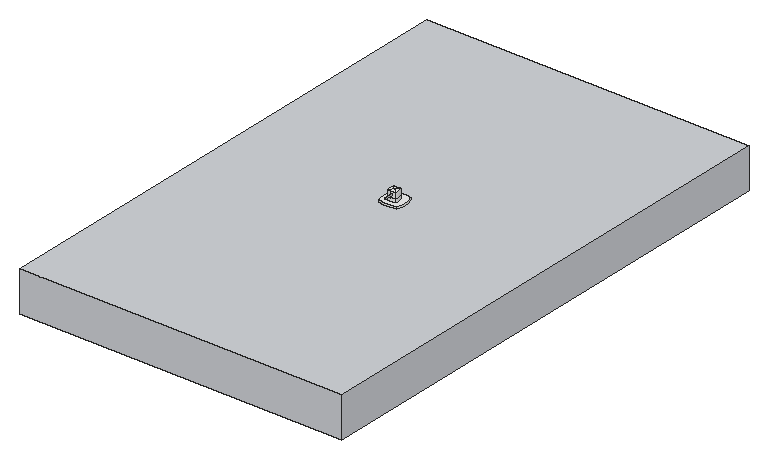
Revit family "Trim-Wall_Hung-Grohe-Grandera-14470_Series", category Plumbing Fixtures, host Face, Revit 2014
Parameters (values of type "14470000")
  Width = 6 1/4"  # constant formula
  Waste Connection = no
  Warranty Documentation Link = "https://cdn.cloud.grohe.com/tpi/1000/1900/1940/1949/1949006/original/1949006.pdf"
  WFU = 4  # constant formula
  Vent Connection = no
  URL = "https://www.grohe.us/"
  Type Comments = ""
  Tempered Connection Radius = Tempered Connection Diameter / 2  # 1/4"
  Tempered Connection Diameter = Hot Water Connection Diameter  # 1/2"
  Product Page URL = ""
  Price = "Prices may vary. Please consult Manufacturer Representative for most up-to-date price list."  # constant formula
  Model = "14470000"
  Material = "Brass-Grohe-000-Starlight Chrome"
  Manufacturer = "Grohe"
  Length = 3 3/16"  # constant formula
  Installation Type = "Wall Mounted"
  Hot Water Connection Radius = Hot Water Connection Diameter / 2  # 1/4"
  Hot Water Connection Diameter = Cold Water Connection Diameter  # 1/2"
  Height = 6 11/16"  # constant formula
  HWFU = 3  # constant formula
  HW Connection = yes
  Flow Rate = "5.2 gpm - 3.0 gpm (19 L/min)"  # constant formula
  Finish = Brass-Grohe-000-Starlight Chrome
  Description = "Grandera Pressure Balance Trim with Cartridge"  # constant formula
  Default Elevation = 44"  # constant formula
  Creation Date = "03/1/2020"  # constant formula
  Cold Water Connection Radius = 1/4"  # constant formula
  Cold Water Connection Diameter = Cold Water Connection Radius * 2  # 1/2"
  CWFU = 3  # constant formula
  CW Connection = yes
  Assembly Code = "D2010710"
Types (2): name | Model | Material | Finish
  14470000 | "14470000" | "Brass-Grohe-000-Starlight Chrome" | Brass-Grohe-000-Starlight Chrome
  14470EN0 | "14470EN0" | "Brass-Grohe-EN0-Brushed Nickel" | Brass-Grohe-EN0-Brushed Nickel
Reference planes (in)
  plane 1 "Center (Front/Back)": y = 0
  plane 2: z = 0
  plane 3 "Center (Left/Right)": x = 0
  plane 4: z = 3.38878
  plane 5: z = 0.8125
  plane 6: y = 0.22615
  plane 7: y = -0.22615
  plane 8: y = 1.28125
  plane 9: y = -1.28125
  plane 10: x = -3.125
  plane 11: x = 3.125
  plane 12: y = 3.125
  plane 13: y = -3.125
  plane 14: z = 3.1875
Forms (in)
  Extrusion 1, solid
    sketch origin (0, 0, 0) x (1, 0, 0) y (0, 1, 0)
      loop
        line (-48, 72) -> (-48, -79.70833) -> (48, -79.70833) -> (48, 72) -> (-48, 72)
    from 0 to -12
  Extrusion 2, solid, material "Brass-Grohe-000-Starlight Chrome" <- "Finish"
    sketch origin (0, 0, 0) x (1, 0, 0) y (0, 1, 0)
      loop
        arc (-2.7024, 2.70306) -> (-3.125, 0) -> (-2.7024, -2.70306) r 8.85598
        arc (-2.7024, -2.70306) -> (0, -3.125) -> (2.7024, -2.70306) r 8.86504
        arc (2.7024, -2.70306) -> (3.125, 0) -> (2.7024, 2.70306) r 8.85598
        arc (2.7024, 2.70306) -> (0, 3.125) -> (-2.7024, 2.70306) r 8.86504
    from 0 to 0.54326
  Blend 3, solid, material "Brass-Grohe-000-Starlight Chrome" <- "Finish"
    base sketch origin (0, 0, 0.40625) x (1, 0, 0) y (0, 0, 1)
      loop
        arc (-0.18415, 2.07516) -> (-0.2155, 1.88906) -> (-0.18143, 1.70344) r 0.54445
        arc (-0.18143, 1.70344) -> (-0.00009, 1.67202) -> (0.18131, 1.70311) r 0.54188
        arc (0.18131, 1.70311) -> (0.2155, 1.88906) -> (0.18404, 2.07549) r 0.54445
        arc (0.18404, 2.07549) -> (-0.00009, 2.10756) -> (-0.18415, 2.07516) r 0.54188
    top sketch origin (0, 0, 0.40625) x (1, 0, 0) y (0, 0, 1)
      loop
        arc (-0.14336, 2.0318) -> (-0.16664, 1.88979) -> (-0.14336, 1.74778) r 0.44484
        arc (-0.14336, 1.74778) -> (0.00017, 1.72659) -> (0.1436, 1.74849) r 0.48862
        arc (0.1436, 1.74849) -> (0.16664, 1.88979) -> (0.1436, 2.03109) r 0.44484
        arc (0.1436, 2.03109) -> (0.00017, 2.05299) -> (-0.14336, 2.0318) r 0.48862
    from 3.56388 to 0
  Extrusion 4, solid, material "Brass-Grohe-000-Starlight Chrome" <- "Finish"
    sketch origin (0, 0, 0) x (1, 0, 0) y (0, 1, 0)
      loop
        circle (-0.73164, 0) r 0.25
      loop
        circle (0.73164, 0) r 0.25
    from 0 to 0.0625
  Sweep 5, solid, material "Brass-Grohe-000-Starlight Chrome" <- "Finish"
    path origin (0, 0, 0) x (1, 0, 0) y (0, 1, 0)
      loop
        arc (-1.09913, 1.0992) -> (-1.29594, 0) -> (-1.09913, -1.0992) r 3.16797
        arc (-1.09913, -1.0992) -> (0, -1.29453) -> (1.09913, -1.0992) r 3.19008
        arc (1.09913, -1.0992) -> (1.29594, 0) -> (1.09913, 1.0992) r 3.16797
        arc (1.09913, 1.0992) -> (0, 1.29453) -> (-1.09913, 1.0992) r 3.19008
    profile origin (0, 1.29453, 0) x (0.000002, 1, 0) y (0, 0, 1)
      loop
        line (0, 0) -> (0, 1.50283) -> (-0.04342, 1.50283) -> (-0.04342, 1.55285) -> (0, 1.55285) -> (0, 3.10571)
        arc (0, 3.10571) -> (-0.5907, 3.16705) -> (-1.18421, 3.18754) r 8.6095
        line (-1.18421, 3.18754) -> (-1.22263, 3.18754) -> (-1.22263, 0) -> (0, 0)
  Extrusion 6, solid, material "Brass-Grohe-000-Starlight Chrome" <- "Finish"
    sketch origin (0, 0, 0) x (1, 0, 0) y (0, 1, 0)
      loop
        arc (-0.07204, 0.07059) -> (-0.07332, 0) -> (-0.07204, -0.07059) r 1.94534
        arc (-0.07204, -0.07059) -> (0, -0.0719) -> (0.07204, -0.07059) r 1.96746
        arc (0.07204, -0.07059) -> (0.07332, 0) -> (0.07204, 0.07059) r 1.94534
        arc (0.07204, 0.07059) -> (0, 0.0719) -> (-0.07204, 0.07059) r 1.96746
    from 0 to 3.1875
Cuts and joins
  joined: Extrusion 2, Blend 3, Extrusion 4, Sweep 5, Extrusion 6
Lines and regions (in)
  Masking region 1
    outline origin (0, 0, 0) x (1, 0, 0) y (0, 0, 1)
      loop
        line (1.29594, 0.54326) -> (1.29594, 1.50283) -> (1.25252, 1.50283) -> (1.25252, 1.55285) -> (1.29594, 1.55285) -> (1.29594, 3.10571)
        arc (1.29594, 3.10571) -> (0, 3.19766) -> (-1.29594, 3.10571) r 9.17841
        line (-1.29594, 3.10571) -> (-1.29594, 1.55285) -> (-1.25252, 1.55285) -> (-1.25252, 1.50283) -> (-1.29594, 1.50283) -> (-1.29594, 0.54326) -> (-3.13174, 0.54326) -> (-3.13174, 0) -> (3.13156, 0) -> (3.13156, 0.54326) -> (1.29594, 0.54326)
  symbolic lines, detail levels medium+fine
    curve 1: line (1.29594, 0, 0.54326) -> (-1.29594, 0, 0.54326)
    curve 2: line (1.25252, 0, 1.55285) -> (-1.25252, 0, 1.55285)
    curve 3: line (1.25252, 0, 1.50283) -> (-1.25252, 0, 1.50283)
Dimensions and locks (in)
  level to plane 4 = 3.38878"
  plane 5 to level = 13/16"
  "Hot Water Connection Diameter": diameter of Extrusion 4 sketch curve
  "Cold Water Connection Diameter": diameter of Extrusion 4 sketch curve
  aligned and locked: plane 2 to Extrusion 1
  aligned and locked: level to Extrusion 1
Automatic sketch dimensions
  Extrusion 1 sketch curve to Extrusion 1 sketch curve = 96"
  Extrusion 1 sketch curve to Extrusion 1 sketch curve = 151.70833"
  Blend 3 sketch curve to plane 3 "Center (Left/Right)" = 0.32894"
  plane 3 "Center (Left/Right)" to Blend 3 sketch curve = 0.00039"  (x2)
  plane 3 "Center (Left/Right)" to Blend 3 sketch curve = 0.32894"
  plane 5 to Blend 3 sketch curve = 1.15942"
  Blend 3 sketch curve to Blend 3 sketch curve = 0.32738"  (x2)
  Blend 3 sketch curve to Blend 3 sketch curve = 0.32086"
  Blend 3 sketch curve to plane 3 "Center (Left/Right)" = 0.18415"
  Blend 3 sketch curve to plane 3 "Center (Left/Right)" = 0.18143"
  plane 3 "Center (Left/Right)" to Blend 3 sketch curve = 0.18131"
  Blend 3 sketch curve to Blend 3 sketch curve = 0.13744"
  Blend 3 sketch curve to plane 3 "Center (Left/Right)" = 0.2782"
  Blend 3 sketch curve to plane 3 "Center (Left/Right)" = 0.00103"  (x2)
  plane 3 "Center (Left/Right)" to Blend 3 sketch curve = 0.2782"
  plane 5 to Blend 3 sketch curve = 1.15812"
  Blend 3 sketch curve to Blend 3 sketch curve = 0.32542"  (x3)
  Blend 3 sketch curve to plane 3 "Center (Left/Right)" = 0.14336"  (x2)
  plane 3 "Center (Left/Right)" to Blend 3 sketch curve = 0.1436"
  Blend 3 sketch curve to Blend 3 sketch curve = 0.14201"
  plane 1 "Center (Front/Back)" to Extrusion 4 sketch curve = 0"  (x2)
  Extrusion 4 sketch curve to plane 3 "Center (Left/Right)" = 0.73164"
  plane 3 "Center (Left/Right)" to Extrusion 4 sketch curve = 0.73164"
  Extrusion 2 sketch curve to plane 3 "Center (Left/Right)" = 0"  (x2)
  plane 1 "Center (Front/Back)" to Extrusion 2 sketch curve = 0"  (x2)
  plane 12 to Extrusion 2 sketch curve = 2.61504"
  plane 13 to Extrusion 2 sketch curve = 2.61504"
  plane 10 to Extrusion 2 sketch curve = 2.60598"
  plane 11 to Extrusion 2 sketch curve = 2.60598"
  Extrusion 2 sketch curve to plane 12 = 0.42194"  (x2)
  Extrusion 2 sketch curve to plane 13 = 0.42194"
  Extrusion 2 sketch curve to plane 10 = 0.4226"
  plane 1 "Center (Front/Back)" to Sweep 5 sketch curve = 0"
  Sweep 5 sketch curve to plane 10 = 1.25298"
  Sweep 5 sketch curve to plane 3 "Center (Left/Right)" = 0"  (x2)
  Sweep 5 sketch curve to plane 9 = 0.6143"
  plane 8 to Sweep 5 sketch curve = 0.18205"  (x2)
  Sweep 5 sketch curve to plane 3 "Center (Left/Right)" = 1.09913"
  plane 9 to Sweep 5 sketch curve = 0.18205"  (x2)
  Sweep 5 sketch curve to plane 8 = 0.6143"
  Sweep 5 sketch curve to plane 11 = 1.25298"
  Sweep 5 sketch curve to level = 0"
  profile plane to Sweep 5 sketch curve = 0.04342"
  profile plane to Sweep 5 sketch curve = 1.18421"
  Sweep 5 sketch curve to Sweep 5 sketch curve = 0.03841"
  Sweep 5 sketch curve to level = 5.42197"
  level to Sweep 5 sketch curve = 1.55285"
  Sweep 5 sketch curve to Sweep 5 sketch curve = 1.55285"
  Sweep 5 sketch curve to Sweep 5 sketch curve = 0.05002"
  Sweep 5 sketch curve to profile plane = 0"  (x2)
  plane 1 "Center (Front/Back)" to Extrusion 6 sketch curve = 0"  (x2)
  Extrusion 6 sketch curve to plane 10 = 1.25298"
  Extrusion 6 sketch curve to plane 3 "Center (Left/Right)" = 0"  (x2)
  Extrusion 6 sketch curve to plane 11 = 1.25298"
  Extrusion 6 sketch curve to plane 9 = 0.6143"
  Extrusion 6 sketch curve to plane 8 = 0.6143"
  Extrusion 6 sketch curve to plane 3 "Center (Left/Right)" = 0.07204"  (x2)
  Extrusion 6 sketch curve to plane 1 "Center (Front/Back)" = 0.07059"  (x2)
  Masking region 1 sketch curve to level = 0"
  Masking region 1 sketch curve to plane 3 "Center (Left/Right)" = 0"
  Masking region 1 sketch curve to plane 3 "Center (Left/Right)" = 1.25252"
  Masking region 1 sketch curve to Masking region 1 sketch curve = 0.04342"  (x3)
  Masking region 1 sketch curve to plane 5 = 0.26924"  (x2)
  plane 10 to Masking region 1 sketch curve = 0.00674"
  plane 3 "Center (Left/Right)" to Masking region 1 sketch curve = 1.29594"  (x2)
  Masking region 1 sketch curve to plane 14 = 0.08179"
  plane 11 to Masking region 1 sketch curve = 0.00656"
  Masking region 1 sketch curve to level = 5.98075"
  plane 5 to Masking region 1 sketch curve = 0.69033"  (x2)
  Masking region 1 sketch curve to Masking region 1 sketch curve = 0.05002"  (x2)
  curve 1 to plane 5 = 0.26924"
  curve 1 to plane 3 "Center (Left/Right)" = 1.29594"
  curve 1 to curve 2 = 0.04342"
  curve 2 to curve 3 = 0"  (x2)
  plane 3 "Center (Left/Right)" to curve 3 = 1.25252"
  curve 3 to curve 1 = 0.04342"
  plane 5 to curve 3 = 0.69033"
  curve 3 to curve 2 = 0.05002"
Connectors (in)
  piping at (-0.73164, 0, 0), diameter 0.5, driven by "Hot Water Connection Diameter"
    settings: on Extrusion 4, index 1, connector inside diameter 24", connector length 0", flow factor 0, pipe flow 0 GPM, pressure drop 0.00 psi, fitting loss kfactor 0, connector angle 0.00°, fixture units 0, engagement length 0", angle of deflection 0.00°, flow configuration 3, flow direction 1, fitting loss method 0, system type 19, joint type 0, gender type 0, connector reference index -1, connector utility 0, adjustable connector no, is connector primary yes, connector description "1/2\" NPT HW Inlet"
  piping at (0.73164, 0, 0), diameter 0.5, driven by "Cold Water Connection Diameter"
    settings: on Extrusion 4, index 2, connector inside diameter 24", connector length 0", flow factor 0, pipe flow 0 GPM, pressure drop 0.00 psi, fitting loss kfactor 0, connector angle 0.00°, fixture units 0, engagement length 0", angle of deflection 0.00°, flow configuration 3, flow direction 1, fitting loss method 0, system type 20, joint type 0, gender type 0, connector reference index -1, connector utility 0, adjustable connector no, is connector primary no, connector description "1/2\" NPT CW Inlet"
